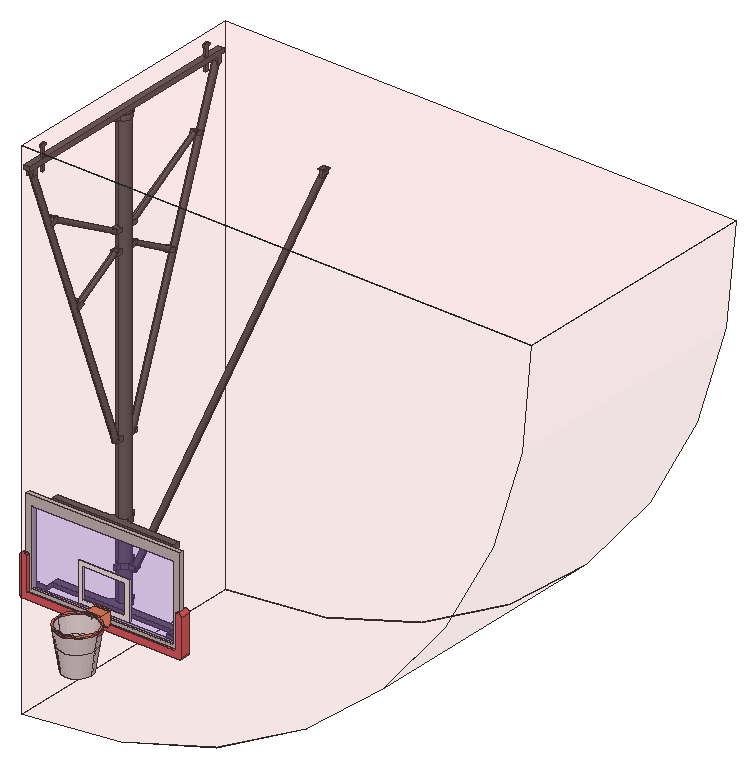
Revit family "Basketball_Backstop-Ceiling_Mount-Side_Fold-IPIbyBison-IP1345SF-Xtra_Height", category Specialty Equipment, Revit 2025
Family settings
  Round Connector Dimension = Use Diameter
  Part Type = Normal
  OmniClass Number = 23.40.50.34.14
  OmniClass Title = Gymnasium Equipment
  Enable Cutting in Views = No
  Always vertical = Yes
  Cut with Voids When Loaded = No
  Maintain Annotation Orientation = No
  Shared = No
  Room Calculation Point = No
Parameters (values of type "Right Fold")
  swingvis [instance] = and(Swing Clearance Visible, or(Fold Left, Fold Right))  # yes
  swingangle [instance] = if(Fold Left, 90.00°, -90.00°)  # -90.00°
  Unit Weight [instance] = 0
  URL = "https://ipibybison.com/"
  Swing Clearance Visible [instance] = yes
  Specification = "https://www.arcat.com/company/ipi-by-bison-38554/spec"
  Set Frame Below Truss Level [instance] = -0' - 1"
  Rim Color [instance] = Plastic - IPI by Bison - Orange OR
  Product Page URL = "https://www.arcat.com/arcatcos/cos38/arc38554.html"
  Net Color [instance] = Finish - IPI by Bison - White Netting
  Model = "IP1345SFR"
  Manufacturer = "IPI by Bison"
  Keynote = "11 66 00"
  Glass [instance] = Glass
  Frame Finish [instance] = Finish - IPI by Bison - Black
  Folding Clearance [instance] = ARCAT Clearance
  Fold Right = yes
  Fold Left = no
  F_Length of Piping Below Brace Point [instance] = 1' - 6"
  FF to Top of Hoop [instance] = 10' - 0"
  Description = "Back Folding Basketball Frame and Backboard, Ceiling Mount"
  Default Elevation = 0' - 0"
  Copyright = "© 2023 ARCAT"  # constant formula
  CAD Details = "https://www.arcat.com/company/ipi-by-bison-38554/cad"
  Backboard Type = Backboard_BA42XLGlass : Backboard_BA42XLGlass
  Backboard Square Color [instance] = Finish - IPI by Bison - White
  Backboard Padding Color [instance] = Plastic - IPI by Bison - Scarlet SC
  Backboard Frame Color [instance] = Finish - IPI by Bison - Satin Aluminum
  Backboard Distance from Wall [instance] = 7' - 0"
  B_Distance Between Y Frame Supports [instance] = 8' - 0"  # constant formula
  Available Options = "as Specified"
  A_Distance to Brace [instance] = 7' - 10"
Types (2): name | swingangle | Model | Fold Right | Fold Left
  Right Fold | -90.00° | "IP1345SFR" | yes | no
  Left Fold | 90.00° | "IP1345SFL" | no | yes
Reference planes (in)
  plane 1 "Center (Front/Back)": y = 0
  plane 2: z = 0
  plane 3 "Center (Left/Right)": x = 0
  plane 4: y = -84
  plane 5: z = 120
  plane 6: y = -132
  plane 7: y = -36
Forms (in)
  Revolve 1, solid, material "ARCAT Clearance" <- "Folding Clearance", visible <- "swingvis"
    sketch origin (0, 0, 0) x (0, 1, 0) y (0, 0, 1)
      loop
        line (-144, 336) -> (-144, 96) -> (-24, 96) -> (-24, 336) -> (-144, 336)
      axis (-144, 336) -> (-24, 336)
    angle from 0 to -90 <- "swingangle"
Dimensions and locks (in)
  "Backboard Distance from Wall": plane 4 to plane 1 "Center (Front/Back)"
  "FF to Top of Hoop": plane 5 to level
  equal spacing: plane 6, plane 4, plane 7
  "B_Distance Between Y Frame Supports": plane 6 to plane 7
  locked: Revolve 1 sketch curve to plane 5 at 24
  locked: Revolve 1 sketch curve to plane 6 at 12
  locked: plane 7 to Revolve 1 sketch curve at 12
  aligned and locked: level to plane 2
  aligned and locked: plane 4 to nested 1
  aligned and locked: nested 2 to plane 3 "Center (Left/Right)"
  aligned and locked: nested 3 to plane 3 "Center (Left/Right)"
  aligned and locked: nested 2 to plane 4
  aligned and locked: plane 4 to nested 3
  aligned and locked: Revolve 1 sketch curve to level  (x2)
Automatic sketch dimensions
  plane 1 "Center (Front/Back)" to Revolve 1 sketch curve = 0' - 4"
  Revolve 1 sketch curve to plane 1 "Center (Front/Back)" = 1' - 9"
Nested families (in)
  nested 1: "Backboard_BA42XLGlass" at (0, -84, 120) x (-1, 0, 0) z (0, 0, 1), built-in parameter 1001364 <- "FF to Top of Hoop", backboard color <- "Backboard Frame Color", backboard square color <- "Backboard Square Color", frame finish <- "Frame Finish", glass <- "Glass", rim finish <- "Rim Color", net color <- "Net Color", padding color <- "Backboard Padding Color", height offset <- "FF to Top of Hoop", type "Backboard_BA42XLGlass"
    with rim finish Plastic - IPI by Bison - Orange OR, padding color Plastic - IPI by Bison - Scarlet SC, net color Finish - IPI by Bison - White Netting, height offset 10' - 0", glass Glass, frame finish Finish - IPI by Bison - Black, backboard square color Finish - IPI by Bison - White, backboard color Finish - IPI by Bison - Satin Aluminum
  nested 2: "Frame_RFRB28" at (0, -84, 335) x (0, -1, 0) z (0, 0, 1), built-in parameter 1001364 <- "Set Frame Below Truss Level", a <- "A_Distance to Brace", b <- "B_Distance Between Y Frame Supports", f <- "F_Length of Piping Below Brace Point", frame <- "Frame Finish", visible <- "Fold Right", type "Frame_RFRB28"
    with frame Finish - IPI by Bison - Black, f 1' - 6", b 8' - 0", a 7' - 10"
  nested 3: "Frame_RFRB28" at (0, -84, 335) x (0, -1, 0) z (0, 0, 1), built-in parameter 1001364 <- "Set Frame Below Truss Level", a <- "A_Distance to Brace", b <- "B_Distance Between Y Frame Supports", f <- "F_Length of Piping Below Brace Point", frame <- "Frame Finish", visible <- "Fold Left", type "Frame_RFRB28"
    with frame Finish - IPI by Bison - Black, f 1' - 6", b 8' - 0", a 7' - 10"
Definition of nested family "Backboard_BA42XLGlass"
  Parameters (values of type "Backboard_BA42XLGlass")
    padding color [instance] = none
    net color [instance] = none
    rim finish [instance] = none
    height offset [instance] = 9' - 6"
    glass [instance] = none
    frame finish [instance] = none
    backboard square color [instance] = none
    backboard color [instance] = none
    Default Elevation = 4' - 0"
  Reference planes (in)
    plane 1 "Center (Front/Back)": y = 0
    plane 2: z = 0
    plane 3 "Center (Left/Right)": x = 0
    plane 4: z = -114
  Forms (in)
    Extrusion 1, solid, material <- "backboard color"
      sketch origin (-8.43545, 11.2937, 28.94441) x (1, 0, 0) y (0, 0, 1)
        loop
          line (-27.56455, 6.99989) -> (-27.56455, -35.00011) -> (44.43545, -35.00011) -> (44.43545, 6.99989) -> (-27.56455, 6.99989)
        loop
          line (41.81045, 2.74989) -> (-24.93955, 2.74989) -> (-24.93955, -32.37511) -> (41.81045, -32.37511) -> (41.81045, 2.74989)
      from 1.125 to -1.125
    Extrusion 2, solid, material <- "padding color"
      sketch origin (-8.43545, 11.2937, 29.06941) x (1, 0, 0) y (0, 0, 1)
        loop
          line (-27.55038, -17.62511) -> (-27.80038, -17.62511)
          arc (-27.80038, -17.62511) -> (-29.03781, -18.13767) -> (-29.55038, -19.37511) r 1.75
          line (-29.55038, -19.37511) -> (-29.55038, -36.12511)
          arc (-29.55038, -36.12511) -> (-29.25748, -36.83222) -> (-28.55038, -37.12511) r 1
          line (-28.55038, -37.12511) -> (45.44962, -37.12511)
          arc (45.44962, -37.12511) -> (46.15673, -36.83222) -> (46.44962, -36.12511) r 1
          line (46.44962, -36.12511) -> (46.44962, -19.37511)
          arc (46.44962, -19.37511) -> (45.93706, -18.13767) -> (44.69962, -17.62511) r 1.75
          line (44.69962, -17.62511) -> (44.42127, -17.62511)
          arc (44.42127, -17.62511) -> (43.71416, -17.918) -> (43.42127, -18.62511) r 1
          line (43.42127, -18.62511) -> (43.42127, -33.98376) -> (-26.55038, -33.98376) -> (-26.55038, -18.62511)
          arc (-26.55038, -18.62511) -> (-26.84327, -17.918) -> (-27.55038, -17.62511) r 1
      from -2.18697 to 2.14819
    Revolve 3, solid, material <- "net color"
      sketch origin (-8.43545, 27.4812, 28.93687) x (1, 0, 0) y (0, 0, 1)
        loop
          circle (-0.85808, -29.24642) r 0.3125
        loop
          line (-1.03195, -29.9762) -> (0.27041, -37.36226) -> (1.80132, -48.25521) -> (2.05377, -48.25521) -> (0.51737, -37.32314) -> (-0.77809, -29.9762) -> (-1.03195, -29.9762)
        axis (8.43545, -48.25521) -> (8.43545, -29.24642)
      angle from 0 to 360
    Revolve 4, solid, material <- "rim finish"
      sketch origin (0.02792, 11.2937, 0) x (0, 1, 0) y (0, 0, 1)
        loop
          line (6.79001, -0.625) -> (6.54001, -0.625) -> (6.54001, -2.125) -> (6.79001, -2.125) -> (6.79001, -0.625)
        axis (16.04001, -2.125) -> (16.04001, -0.625)
      angle from -90 to 90
    Extrusion 5, solid, material <- "rim finish"
      sketch origin (0, 0, 0) x (0, 1, 0) y (0, 0, 1)
        loop
          line (17.69724, 0) -> (12.8212, 0) -> (13.12361, 1.21287) -> (12.79369, 1.29513) -> (12.47078, 0) -> (12.47078, -6.5) -> (13.63137, -6.5) -> (17.69724, -2.43414) -> (17.69724, 0)
      from -3.50075 to 3.49925
    Extrusion 6, solid, material <- "backboard square color"
      sketch origin (0.02792, 11.2937, 0) x (1, 0, 0) y (0, 0, 1)
        loop
          line (-12.02792, 16.0023) -> (-12.02792, -1.9977) -> (11.97208, -1.9977) -> (11.97208, 16.0023) -> (-12.02792, 16.0023)
        loop
          line (-10.02792, 14.0023) -> (-10.02792, 0) -> (9.97208, 0) -> (9.97208, 14.0023) -> (-10.02792, 14.0023)
      from -0.44333 to 0.05679
    Extrusion 7, solid, material <- "glass"
      sketch origin (0.02792, 11.2937, 0) x (1, 0, 0) y (0, 0, 1)
        loop
          line (-33.40292, 31.6943) -> (-33.40292, -3.4307) -> (33.34708, -3.4307) -> (33.34708, 31.6943) -> (-33.40292, 31.6943)
      from -0.405 to 0
    Extrusion 8, solid, material <- "frame finish"
      sketch origin (0, 11.2937, 0) x (1, 0, 0) y (0, 1, 0)
        loop
          line (-28.5, -7.7495) -> (-6, -7.7495) -> (-6, -8.1245) -> (-4.12188, -8.1245) -> (-3.02199, -10.02957)
          arc (-3.02199, -10.02957) -> (-2.89931, -12.81607) -> (-0.66175, -14.4813) r 3.25
          line (-0.66175, -14.4813) -> (-0.66175, -16.28845) -> (0.60591, -16.28845) -> (0.60591, -14.4813)
          arc (0.60591, -14.4813) -> (2.82905, -12.84298) -> (2.98938, -10.08605) r 3.25
          line (2.98938, -10.08605) -> (4.12188, -8.1245) -> (6, -8.1245) -> (6, -7.7495) -> (28.5, -7.7495) -> (28.5, -1.4995) -> (33, -1.4995) -> (33, -1.125) -> (28.25, -1.125) -> (28.25, -4.7495) -> (-28.25, -4.7495) -> (-28.25, -1.125) -> (-33, -1.125) -> (-33, -1.4995) -> (-28.5, -1.4995) -> (-28.5, -7.7495)
      from -3.4307 to -1.5237
    Extrusion 9, solid, material <- "frame finish"
      sketch origin (0, 11.2937, 0) x (1, 0, 0) y (0, 1, 0)
        loop
          line (-28.5, -7.7495) -> (-6, -7.7495) -> (-6, -8.1245) -> (-4.12188, -8.1245) -> (-3.02199, -10.02957)
          arc (-3.02199, -10.02957) -> (-2.89931, -12.81607) -> (-0.66175, -14.4813) r 3.25
          line (-0.66175, -14.4813) -> (-0.66175, -16.28845) -> (0.60591, -16.28845) -> (0.60591, -14.4813)
          arc (0.60591, -14.4813) -> (2.82905, -12.84298) -> (2.98938, -10.08605) r 3.25
          line (2.98938, -10.08605) -> (4.12188, -8.1245) -> (6, -8.1245) -> (6, -7.7495) -> (28.5, -7.7495) -> (28.5, -1.4995) -> (33, -1.4995) -> (33, -1.125) -> (28.25, -1.125) -> (28.25, -4.7495) -> (-28.25, -4.7495) -> (-28.25, -1.125) -> (-33, -1.125) -> (-33, -1.4995) -> (-28.5, -1.4995) -> (-28.5, -7.7495)
      from 31.75979 to 34.1423
  Lines and regions (in)
    model lines
      curve 1: line (-0.00075, 0, 0) -> (-0.00075, 0, -114)
  Dimensions and locks (in)
    "height offset": level to plane 4
    aligned and locked: plane 2 to level
    aligned and locked: plane 4 to curve 1
  Automatic sketch dimensions
    curve 1 to level = 0' - 0"
    curve 1 to plane 3 "Center (Left/Right)" = 0' - 0.00075"
    Extrusion 1 sketch curve to plane 3 "Center (Left/Right)" = 3' - 0"
    Extrusion 1 sketch curve to Extrusion 1 sketch curve = 0' - 2 5/8"  (x2)
    plane 3 "Center (Left/Right)" to Extrusion 1 sketch curve = 2' - 9 3/8"
    Extrusion 1 sketch curve to level = 0' - 6.0557"
    Extrusion 1 sketch curve to level = 0' - 3.4307"
    level to Extrusion 1 sketch curve = 2' - 7.6943"
    Extrusion 1 sketch curve to Extrusion 1 sketch curve = 0' - 4 1/4"
    level to Extrusion 2 sketch curve = 0' - 9.6943"
    Extrusion 2 sketch curve to plane 3 "Center (Left/Right)" = 3' - 1.98582"
    Extrusion 2 sketch curve to Extrusion 2 sketch curve = 0' - 1"  (x4)
    Extrusion 2 sketch curve to Extrusion 2 sketch curve = 0' - 1 3/4"
    Extrusion 2 sketch curve to Extrusion 2 sketch curve = 0' - 0 1/4"
    level to Extrusion 2 sketch curve = 0' - 10.4443"
    plane 3 "Center (Left/Right)" to Extrusion 2 sketch curve = 2' - 10.98582"
    Extrusion 2 sketch curve to Extrusion 2 sketch curve = 0' - 0.27835"
    Extrusion 2 sketch curve to Extrusion 2 sketch curve = 0' - 2.02835"
    Extrusion 2 sketch curve to level = 0' - 4.91435"
    Extrusion 2 sketch curve to Extrusion 2 sketch curve = 0' - 2.14135"
    Revolve 3 sketch curve to plane 3 "Center (Left/Right)" = 0' - 0"
    Revolve 3 sketch curve to plane 3 "Center (Left/Right)" = 0' - 6.38167"
    Revolve 3 sketch curve to Revolve 3 sketch curve = 0' - 0.25246"
    Revolve 3 sketch curve to plane 3 "Center (Left/Right)" = 0' - 7.91808"
    Revolve 3 sketch curve to Revolve 3 sketch curve = 0' - 0.24696"
    Revolve 3 sketch curve to level = 0' - 1.03933"
    Revolve 3 sketch curve to Revolve 3 sketch curve = 0' - 1.0485"
    Revolve 3 sketch curve to level = 0' - 0.30954"
    Revolve 3 sketch curve to Revolve 3 sketch curve = 0' - 0.07999"
    Revolve 3 sketch curve to Revolve 3 sketch curve = 0' - 0.25386"
    Revolve 3 sketch curve to Revolve 3 sketch curve = 0' - 7.34694"
    Revolve 3 sketch curve to Revolve 3 sketch curve = 0' - 0.03911"
    Revolve 3 sketch curve to Revolve 3 sketch curve = 0' - 10.89295"
    Revolve 3 sketch curve to level = 0' - 0.00754"
    level to Revolve 3 sketch curve = 0' - 2.99246"
    Revolve 4 sketch curve to level = 0' - 2 1/8"
    Revolve 4 sketch curve to plane 1 "Center (Front/Back)" = 1' - 5.83371"
    Revolve 4 sketch curve to Revolve 4 sketch curve = 0' - 0 1/4"
    Revolve 4 sketch curve to level = 0' - 0 5/8"  (x2)
    Revolve 4 sketch curve to Revolve 4 sketch curve = 0' - 9 1/4"
    level to Revolve 4 sketch curve = 0' - 3 1/8"
    Extrusion 5 sketch curve to level = 0' - 0"  (x2)
    Extrusion 5 sketch curve to plane 1 "Center (Front/Back)" = 1' - 0.47078"
    level to Extrusion 5 sketch curve = 0' - 1.29513"
    Extrusion 5 sketch curve to Extrusion 5 sketch curve = 0' - 0.32291"
    Extrusion 5 sketch curve to Extrusion 5 sketch curve = 0' - 0.35043"
    Extrusion 5 sketch curve to Extrusion 5 sketch curve = 0' - 1.16059"
    Extrusion 5 sketch curve to Extrusion 5 sketch curve = 0' - 4.57363"
    Extrusion 5 sketch curve to Extrusion 5 sketch curve = 0' - 2.43414"
    Extrusion 5 sketch curve to Extrusion 5 sketch curve = 0' - 6 1/2"
    Extrusion 6 sketch curve to level = 0' - 0"
    Extrusion 6 sketch curve to level = 0' - 1.9977"
    Extrusion 6 sketch curve to plane 3 "Center (Left/Right)" = 1' - 0"
    Extrusion 6 sketch curve to Extrusion 6 sketch curve = 0' - 2"  (x3)
    plane 3 "Center (Left/Right)" to Extrusion 6 sketch curve = 0' - 10"
    Extrusion 6 sketch curve to Extrusion 6 sketch curve = 1' - 2.0023"
    Extrusion 7 sketch curve to plane 3 "Center (Left/Right)" = 2' - 9 3/8"
    Extrusion 7 sketch curve to level = 0' - 3.4307"
    plane 3 "Center (Left/Right)" to Extrusion 7 sketch curve = 2' - 9 3/8"
    level to Extrusion 7 sketch curve = 2' - 7.6943"
    Extrusion 8 sketch curve to Extrusion 8 sketch curve = 0' - 0"  (x3)
    plane 1 "Center (Front/Back)" to Extrusion 8 sketch curve = 0' - 0"
    Extrusion 8 sketch curve to plane 1 "Center (Front/Back)" = 0' - 9.7942"
    Extrusion 8 sketch curve to plane 3 "Center (Left/Right)" = 2' - 9"
    Extrusion 8 sketch curve to plane 1 "Center (Front/Back)" = 0' - 3.5442"
    Extrusion 8 sketch curve to Extrusion 8 sketch curve = 0' - 4 1/2"  (x2)
    Extrusion 8 sketch curve to Extrusion 8 sketch curve = 0' - 0 1/4"  (x2)
    Extrusion 8 sketch curve to plane 3 "Center (Left/Right)" = 0' - 6"
    Extrusion 8 sketch curve to Extrusion 8 sketch curve = 0' - 1.87812"  (x2)
    Extrusion 8 sketch curve to Extrusion 8 sketch curve = 0' - 1.09989"
    Extrusion 8 sketch curve to plane 3 "Center (Left/Right)" = 0' - 0.66175"
    Extrusion 8 sketch curve to plane 3 "Center (Left/Right)" = 0' - 0.02792"
    plane 3 "Center (Left/Right)" to Extrusion 8 sketch curve = 0' - 0.60591"
    Extrusion 8 sketch curve to plane 1 "Center (Front/Back)" = 0' - 1.20765"
    plane 3 "Center (Left/Right)" to Extrusion 8 sketch curve = 0' - 2.98938"
    Extrusion 8 sketch curve to Extrusion 8 sketch curve = 0' - 1.1325"
    Extrusion 8 sketch curve to plane 1 "Center (Front/Back)" = 0' - 10.1687"
    Extrusion 8 sketch curve to Extrusion 8 sketch curve = 1' - 10 1/4"
    Extrusion 8 sketch curve to Extrusion 8 sketch curve = 0' - 1.80715"
    Extrusion 8 sketch curve to Extrusion 8 sketch curve = 0' - 0 3/8"  (x2)
    Extrusion 8 sketch curve to plane 1 "Center (Front/Back)" = 0' - 3.1692"
    Extrusion 8 sketch curve to Extrusion 8 sketch curve = 0' - 3"
    Extrusion 8 sketch curve to Extrusion 8 sketch curve = 0' - 0.3745"  (x2)
    Extrusion 9 sketch curve to Extrusion 9 sketch curve = 0' - 0"  (x3)
    plane 1 "Center (Front/Back)" to Extrusion 9 sketch curve = 0' - 0"
    Extrusion 9 sketch curve to plane 1 "Center (Front/Back)" = 0' - 9.7942"
    Extrusion 9 sketch curve to plane 3 "Center (Left/Right)" = 2' - 9"
    Extrusion 9 sketch curve to plane 1 "Center (Front/Back)" = 0' - 3.5442"  (x2)
    Extrusion 9 sketch curve to Extrusion 9 sketch curve = 0' - 4 1/2"  (x2)
    Extrusion 9 sketch curve to Extrusion 9 sketch curve = 0' - 0 1/4"  (x2)
    Extrusion 9 sketch curve to plane 3 "Center (Left/Right)" = 0' - 6"
    Extrusion 9 sketch curve to Extrusion 9 sketch curve = 0' - 1.87812"  (x2)
    Extrusion 9 sketch curve to Extrusion 9 sketch curve = 0' - 1.09989"
    Extrusion 9 sketch curve to plane 3 "Center (Left/Right)" = 0' - 0.66175"
    Extrusion 9 sketch curve to plane 3 "Center (Left/Right)" = 0' - 0.02792"
    plane 3 "Center (Left/Right)" to Extrusion 9 sketch curve = 0' - 0.60591"
    Extrusion 9 sketch curve to plane 1 "Center (Front/Back)" = 0' - 1.20765"
    plane 3 "Center (Left/Right)" to Extrusion 9 sketch curve = 0' - 2.98938"
    Extrusion 9 sketch curve to Extrusion 9 sketch curve = 0' - 1.1325"
    Extrusion 9 sketch curve to plane 1 "Center (Front/Back)" = 0' - 10.1687"
    Extrusion 9 sketch curve to Extrusion 9 sketch curve = 1' - 10 1/4"
    Extrusion 9 sketch curve to Extrusion 9 sketch curve = 0' - 1.80715"
    Extrusion 9 sketch curve to Extrusion 9 sketch curve = 0' - 0 3/8"
    Extrusion 9 sketch curve to plane 1 "Center (Front/Back)" = 0' - 3.1692"
    Extrusion 9 sketch curve to Extrusion 9 sketch curve = 0' - 3"
    Extrusion 9 sketch curve to Extrusion 9 sketch curve = 0' - 0.3745"  (x2)
    radius of Revolve 3 sketch curve = 0' - 0 5/16"
Definition of nested family "Frame_RFRB28"
  Parameters (values of type "Frame_RFRB28")
    frame [instance] = none
    f [instance] = 1' - 6"
    b [instance] = 8' - 0"  # constant formula
    a [instance] = 7' - 10"
    Default Elevation = 4' - 0"
  Reference planes (in)
    plane 1 "Center (Front/Back)": y = 0
    plane 2: z = 0
    plane 3 "Center (Left/Right)": x = 0
    plane 4: z = -4.125
    plane 5: x = -48
    plane 6: x = 48
    plane 7: z = -218.99815
    plane 8: y = 94
    plane 9: z = -200.99815
    plane 10: z = -146.99815
  Forms (in)
    Extrusion 1, solid, material <- "frame"
      sketch origin (0, 0, 0) x (-1, 0, 0) y (0, 0, 1)
        loop
          line (-48.5, -3.57547) -> (-49.1801, -3.57547) -> (-49.1801, -4.57547) -> (-48.5, -4.57547) -> (-48.5, -14.94659) -> (-47.5, -14.94659) -> (-47.5, -4.50272) -> (-46.31181, -4.50272) -> (-46.31181, -3.67379) -> (-47.125, -3.67379) -> (-47.125, -3.45566) -> (-48.5, -3.45566) -> (-48.5, -3.57547)
        loop
          line (47.5, -3.57547) -> (46.8199, -3.57547) -> (46.8199, -4.57547) -> (47.5, -4.57547) -> (47.5, -14.94659) -> (48.5, -14.94659) -> (48.5, -4.50272) -> (49.68819, -4.50272) -> (49.68819, -3.67379) -> (48.875, -3.67379) -> (48.875, -3.45566) -> (47.5, -3.45566) -> (47.5, -3.57547)
      from -0.4375 to 0.4375
    Extrusion 2, solid, material <- "frame"
      sketch origin (0, 0, 0) x (-1, 0, 0) y (0, -1, 0)
        loop
          circle (0, 0) r 3
      from -218.99815 to -10.81466
    Extrusion 3, solid, material <- "frame"
      sketch origin (0, 0, 0) x (-1, 0, 0) y (0, -1, 0)
        loop
          line (-5.03472, 0.60591) -> (-5.03472, -0.60591) -> (-3.12072, -0.60591)
          arc (-3.12072, -0.60591) -> (0, -3.179) -> (3.12072, -0.60591) r 3.179
          line (3.12072, -0.60591) -> (5.03472, -0.60591) -> (5.03472, 0.60591) -> (3.12072, 0.60591)
          arc (3.12072, 0.60591) -> (0, 3.179) -> (-3.12072, 0.60591) r 3.179
          line (-3.12072, 0.60591) -> (-5.03472, 0.60591)
      from -13.07366 to -11.07366
    Sweep 4, solid, material <- "frame"
      path origin (0, 0, 0) x (0, -1, 0) y (0, 0, 1)
        loop
          line (-4.7442, -202.45823) -> (-94, -3.76608)
      profile origin (0, 49.3721, -103.11215) x (0, 0.912189, -0.40977) y (-1, 0, 0)
        loop
          circle (0, 0) r 1.1875
    Extrusion 5, solid, material <- "frame"
      sketch origin (0, -23.21476, -200.99815) x (0, -1, 0) y (1, 0, 0)
        loop
          line (-22.60885, 5.03472) -> (-23.82067, 5.03472) -> (-23.82067, 3.12072)
          arc (-23.82067, 3.12072) -> (-25.10199, 2.55821) -> (-26.01762, 1.5) r 3.179
          line (-26.01762, 1.5) -> (-29.32067, 1.5) -> (-29.32067, -1.5) -> (-26.01762, -1.5)
          arc (-26.01762, -1.5) -> (-25.10199, -2.55821) -> (-23.82067, -3.12072) r 3.179
          line (-23.82067, -3.12072) -> (-23.82067, -5.03472) -> (-22.60885, -5.03472) -> (-22.60885, -3.12072)
          arc (-22.60885, -3.12072) -> (-20.03576, 0) -> (-22.60885, 3.12072) r 3.179
          line (-22.60885, 3.12072) -> (-22.60885, 5.03472)
      from 1 to -1
    Extrusion 6, solid, material <- "frame"
      sketch origin (0, 0, -1.125) x (0, -1, 0) y (0, 0, 1)
        loop
          line (-94.625, -0.80732) -> (-94.625, -3.80732) -> (-93.375, -3.80732) -> (-93.375, -0.80732) -> (-94.625, -0.80732)
      from -1.5 to 1.5
    Extrusion 7, solid, material <- "frame"
      sketch origin (0, 0, -1.125) x (0, -1, 0) y (0, 0, 1)
        loop
          line (-95.5, -0.80732) -> (-95.5, -1.05732) -> (-92.5, -1.05732) -> (-92.5, -0.80732) -> (-95.5, -0.80732)
      from -1.5 to 1.5
    Extrusion 8, solid, material <- "frame"
      sketch origin (0, -0.03, 0) x (1, 0, 0) y (0, 0, 1)
        loop
          line (-57, -8.85715) -> (-57, -10.85715) -> (-55, -10.85715) -> (-55, -14.10715) -> (-53, -14.10715) -> (-53, -10.85715) -> (53, -10.85715) -> (53, -14.10715) -> (55, -14.10715) -> (55, -10.85715) -> (57, -10.85715) -> (57, -8.85715) -> (-57, -8.85715)
      from -1.53 to 1.47
    Sweep 9, solid, material <- "frame"
      path origin (0, -0.03, 0) x (-1, 0, 0) y (0, 0, 1)
        loop
          line (-54.25831, -12.58204) -> (-4.68934, -147.70227)
      profile origin (29.47382, -0.03, -80.14215) x (0.93882, 0, -0.344407) y (0, -1, 0)
        loop
          circle (0, 0) r 1.2175
    Extrusion 10, solid, material <- "frame"
      sketch origin (0, -0.03, 0) x (1, 0, 0) y (0, 0, 1)
        loop
          line (-44.88847, -38.1233) -> (-44.19966, -40.00094) -> (-40.5513, -38.66254) -> (-41.24011, -36.7849) -> (-44.88847, -38.1233)
        loop
          line (-29.35533, -80.46516) -> (-28.66652, -82.3428) -> (-25.14594, -81.05127) -> (-25.83475, -79.17363) -> (-29.35533, -80.46516)
        loop
          line (-2.78107, -58.17015) -> (-5.78107, -58.17015) -> (-5.78107, -60.17015) -> (-2.78107, -60.17015) -> (-2.78107, -58.17015)
        loop
          line (-2.78107, -67.17015) -> (-5.78107, -67.17015) -> (-5.78107, -69.17015) -> (-2.78107, -69.17015) -> (-2.78107, -67.17015)
        loop
          line (44.88847, -38.1233) -> (41.24011, -36.7849) -> (40.5513, -38.66254) -> (44.19966, -40.00094) -> (44.88847, -38.1233)
        loop
          line (29.35533, -80.46516) -> (25.83475, -79.17363) -> (25.14594, -81.05127) -> (28.66652, -82.3428) -> (29.35533, -80.46516)
        loop
          line (2.78107, -58.17015) -> (2.78107, -60.17015) -> (5.78107, -60.17015) -> (5.78107, -58.17015) -> (2.78107, -58.17015)
        loop
          line (2.78107, -67.17015) -> (2.78107, -69.17015) -> (5.78107, -69.17015) -> (5.78107, -67.17015) -> (2.78107, -67.17015)
        loop
          line (-2.69765, -147.99815) -> (-2.69765, -145.99815) -> (-5.69765, -145.99815) -> (-5.69765, -147.99815) -> (-2.69765, -147.99815)
        loop
          line (2.69765, -147.99815) -> (5.69765, -147.99815) -> (5.69765, -145.99815) -> (2.69765, -145.99815) -> (2.69765, -147.99815)
      from -1.42904 to 1.345
    Sweep 11, solid, material <- "frame"
      path origin (0, -0.03, 0) x (1, 0, 0) y (0, 0, 1)
        loop
          line (-42.36358, -37.61622) -> (-4.38156, -59.54515)
      profile origin (-23.37257, -0.03, -48.58069) x (0.5, 0, 0.866025) y (0, -1, 0)
        loop
          circle (0, 0) r 1
    Sweep 12, solid, material <- "frame"
      path origin (0, -0.03, 0) x (-1, 0, 0) y (0, 0, 1)
        loop
          line (-42.36358, -37.61622) -> (-4.38156, -59.54515)
      profile origin (23.37257, -0.03, -48.58069) x (0.5, 0, -0.866025) y (0, -1, 0)
        loop
          circle (0, 0) r 1
    Sweep 13, solid, material <- "frame"
      path origin (0, -0.03, 60) x (1, 0, 0) y (0, 0, 1)
        loop
          line (-26.81592, -140.66699) -> (-4.38156, -127.7145)
      profile origin (-15.59874, -0.03, -74.19074) x (-0.5, 0, 0.866025) y (0, -1, 0)
        loop
          circle (0, 0) r 1
    Sweep 14, solid, material <- "frame"
      path origin (0, -0.03, 60) x (-1, 0, 0) y (0, 0, 1)
        loop
          line (-26.81592, -140.66699) -> (-4.38156, -127.7145)
      profile origin (15.59874, -0.03, -74.19074) x (-0.5, 0, -0.866025) y (0, -1, 0)
        loop
          circle (0, 0) r 1
    Sweep 15, solid, material <- "frame"
      path origin (0, -0.03, 0) x (1, 0, 0) y (0, 0, 1)
        loop
          line (-54.25831, -12.58204) -> (-4.68934, -147.70227)
      profile origin (-29.47382, -0.03, -80.14215) x (0.93882, 0, 0.344407) y (0, -1, 0)
        loop
          circle (0, 0) r 1.2175
  Dimensions and locks (in)
    equal spacing: plane 5, plane 3 "Center (Left/Right)", plane 6
    "b": plane 5 to plane 6
    locked: level to plane 4 at 4.125
    Extrusion 1 sketch curve to Extrusion 1 sketch curve to Extrusion 1 sketch curve to plane 5 to Extrusion 1 sketch curve to Extrusion 1 sketch curve to Extrusion 1 sketch curve = 0' - 0.81319" locked, 0' - 0 3/8" locked, 0' - 0 1/2" locked, 0' - 0 1/2" locked, 0' - 0" locked, 0' - 0.6801" locked
    Extrusion 1 sketch curve to Extrusion 1 sketch curve to Extrusion 1 sketch curve to plane 6 to Extrusion 1 sketch curve to Extrusion 1 sketch curve to Extrusion 1 sketch curve = 0' - 0.81319" locked, 0' - 0 3/8" locked, 0' - 0 1/2" locked, 0' - 0 1/2" locked, 0' - 0" locked, 0' - 0.6801" locked
    "a": plane 1 "Center (Front/Back)" to plane 8
    Extrusion 7 sketch curve to plane 8 to Extrusion 7 sketch curve = 0' - 1 1/2" locked, 0' - 1 1/2" locked
    Extrusion 6 sketch curve to plane 8 to Extrusion 6 sketch curve = 0' - 0 5/8" locked, 0' - 0 5/8" locked
    locked: plane 8 to Sweep 4 sketch curve at 0
    locked: level to Sweep 4 sketch curve at 3.76608
    locked: plane 1 "Center (Front/Back)" to Sweep 4 sketch curve at 4.7442
    Extrusion 10 sketch curve to Extrusion 10 sketch curve = 0' - 2"  (x2)
    locked: level to Sweep 9 sketch curve at 147.70227
    locked: Sweep 9 sketch curve to plane 3 "Center (Left/Right)" at 4.68934
    locked: level to Sweep 15 sketch curve at 147.70227
    locked: plane 3 "Center (Left/Right)" to Sweep 15 sketch curve at 4.68934
    locked: level to Extrusion 10 sketch curve at 145.99815  (x2)
    locked: level to plane 10 at 146.99815
    locked: plane 9 to plane 10 at 54
    "f": plane 9 to plane 7
    locked: level to Sweep 4 sketch curve at 202.45823
    aligned and locked: plane 2 to level
    aligned and locked: plane 7 to Extrusion 2
  Automatic sketch dimensions
    plane 4 to Extrusion 1 sketch curve = 0' - 0.54953"  (x2)
    Extrusion 1 sketch curve to plane 4 = 0' - 0.37772"  (x2)
    Extrusion 1 sketch curve to plane 4 = 0' - 0.45047"  (x2)
    Extrusion 1 sketch curve to Extrusion 1 sketch curve = 0' - 10.37112"  (x2)
    plane 4 to Extrusion 1 sketch curve = 0' - 0.45121"  (x2)
    Extrusion 1 sketch curve to Extrusion 1 sketch curve = 0' - 0.21814"  (x2)
    plane 1 "Center (Front/Back)" to Extrusion 2 sketch curve = 0' - 0"
    Extrusion 2 sketch curve to plane 3 "Center (Left/Right)" = 0' - 0"
    Extrusion 3 sketch curve to Extrusion 3 sketch curve = 0' - 0"  (x3)
    plane 1 "Center (Front/Back)" to Extrusion 3 sketch curve = 0' - 0"
    Extrusion 3 sketch curve to plane 3 "Center (Left/Right)" = 0' - 0"
    Extrusion 3 sketch curve to plane 1 "Center (Front/Back)" = 0' - 0.60591"  (x2)
    plane 3 "Center (Left/Right)" to Extrusion 3 sketch curve = 0' - 3.12072"
    plane 1 "Center (Front/Back)" to Extrusion 3 sketch curve = 0' - 0.60591"  (x2)
    Extrusion 3 sketch curve to Extrusion 3 sketch curve = 0' - 1.914"  (x2)
    Extrusion 3 sketch curve to plane 3 "Center (Left/Right)" = 0' - 3.12072"
    profile plane to Sweep 4 sketch curve = 0' - 0"
    Sweep 4 sketch curve to profile plane = 0' - 0"
    Extrusion 6 sketch curve to plane 4 = 0' - 0.80732"
    Extrusion 6 sketch curve to level = 0' - 1.93232"
    plane 4 to Extrusion 7 sketch curve = 0' - 1.94268"
    Extrusion 7 sketch curve to Extrusion 7 sketch curve = 0' - 0 1/4"
    plane 5 to Extrusion 8 sketch curve = 0' - 9"
    Extrusion 8 sketch curve to Extrusion 8 sketch curve = 0' - 2"  (x5)
    Extrusion 8 sketch curve to plane 6 = 0' - 5"
    Extrusion 8 sketch curve to plane 4 = 0' - 9.98215"  (x2)
    Extrusion 8 sketch curve to Extrusion 8 sketch curve = 0' - 3 1/4"  (x2)
    Extrusion 8 sketch curve to Extrusion 8 sketch curve = 0' - 0"
    plane 6 to Sweep 9 sketch curve = 0' - 6.25831"
    plane 4 to Sweep 9 sketch curve = 0' - 8 117/256"
    Sweep 9 sketch curve to profile plane = 0' - 0"  (x2)
    Extrusion 10 sketch curve to plane 5 = 0' - 3.11153"
    Extrusion 10 sketch curve to Extrusion 10 sketch curve = 0' - 0.68881"  (x4)
    Extrusion 10 sketch curve to Extrusion 10 sketch curve = 0' - 3.64836"
    Extrusion 10 sketch curve to plane 5 = 1' - 6.64467"
    Extrusion 10 sketch curve to Extrusion 10 sketch curve = 0' - 3.52058"  (x2)
    Extrusion 10 sketch curve to plane 3 "Center (Left/Right)" = 0' - 5.78107"  (x2)
    Extrusion 10 sketch curve to plane 3 "Center (Left/Right)" = 0' - 5.69765"
    Extrusion 10 sketch curve to plane 3 "Center (Left/Right)" = 0' - 2.78107"  (x2)
    Extrusion 10 sketch curve to plane 3 "Center (Left/Right)" = 0' - 2.69765"
    plane 3 "Center (Left/Right)" to Extrusion 10 sketch curve = 0' - 2.69765"
    plane 3 "Center (Left/Right)" to Extrusion 10 sketch curve = 0' - 2.78107"  (x2)
    Extrusion 10 sketch curve to Extrusion 10 sketch curve = 0' - 3"  (x3)
    Extrusion 10 sketch curve to Extrusion 10 sketch curve = 1' - 7.36487"
    plane 6 to Extrusion 10 sketch curve = 0' - 7.4487"
    plane 6 to Extrusion 10 sketch curve = 0' - 3.80034"
    Extrusion 10 sketch curve to Extrusion 10 sketch curve = 5' - 3.65535"
    Extrusion 10 sketch curve to Extrusion 10 sketch curve = 0' - 0"  (x3)
    Extrusion 10 sketch curve to Extrusion 10 sketch curve = 0' - 1.29153"  (x2)
    Extrusion 10 sketch curve to Extrusion 10 sketch curve = 0' - 10.00348"
    Extrusion 10 sketch curve to Extrusion 10 sketch curve = 0' - 2"  (x4)
    Extrusion 10 sketch curve to Extrusion 10 sketch curve = 0' - 7"
    Extrusion 10 sketch curve to level = 3' - 4.00094"  (x2)
    Extrusion 10 sketch curve to Extrusion 10 sketch curve = 0' - 1.3384"  (x2)
    Sweep 11 sketch curve to plane 5 = 0' - 5.63642"
    Sweep 11 sketch curve to plane 3 "Center (Left/Right)" = 0' - 4.38156"
    Sweep 11 sketch curve to plane 4 = 4' - 7.42015"
    Sweep 11 sketch curve to plane 4 = 2' - 9.49122"
    Sweep 11 sketch curve to profile plane = 0' - 0"  (x2)
    Sweep 12 sketch curve to plane 6 = 0' - 5.63642"
    Sweep 12 sketch curve to plane 3 "Center (Left/Right)" = 0' - 4.38156"
    plane 4 to Sweep 12 sketch curve = 4' - 7.42015"
    plane 4 to Sweep 12 sketch curve = 2' - 9.49122"
    Sweep 12 sketch curve to profile plane = 0' - 0"  (x2)
    Sweep 13 sketch curve to plane 5 = 1' - 9.18408"
    Sweep 13 sketch curve to plane 3 "Center (Left/Right)" = 0' - 4.38156"
    Sweep 13 sketch curve to Sweep 13 sketch curve = 1' - 0.95249"
    Sweep 13 sketch curve to profile plane = 0' - 0"
    profile plane to Sweep 13 sketch curve = 0' - 0"
    Sweep 14 sketch curve to plane 6 = 1' - 9.18408"
    Sweep 14 sketch curve to plane 3 "Center (Left/Right)" = 0' - 4.38156"
    Sweep 14 sketch curve to Sweep 14 sketch curve = 1' - 0.95249"
    Sweep 14 sketch curve to profile plane = 0' - 0"
    profile plane to Sweep 14 sketch curve = 0' - 0"
    plane 5 to Sweep 15 sketch curve = 0' - 6.25831"
    Sweep 15 sketch curve to plane 4 = 0' - 8 117/256"
    Sweep 15 sketch curve to profile plane = 0' - 0"  (x2)
    Sweep 13 sketch curve to plane 4 = 6' - 4.54199"
    plane 4 to Sweep 14 sketch curve = 6' - 4.54199"
    Extrusion 5 sketch curve to Extrusion 5 sketch curve = 0' - 0"  (x8)
    plane 1 "Center (Front/Back)" to Extrusion 5 sketch curve = 0' - 0"
    Extrusion 5 sketch curve to plane 3 "Center (Left/Right)" = 0' - 0"
    Extrusion 5 sketch curve to plane 1 "Center (Front/Back)" = 0' - 0.60591"  (x2)
    Extrusion 5 sketch curve to Extrusion 5 sketch curve = 0' - 2.19695"  (x2)
    plane 3 "Center (Left/Right)" to Extrusion 5 sketch curve = 0' - 1 1/2"
    Extrusion 5 sketch curve to Extrusion 5 sketch curve = 0' - 3.30305"
    plane 1 "Center (Front/Back)" to Extrusion 5 sketch curve = 0' - 0.60591"  (x2)
    Extrusion 5 sketch curve to plane 3 "Center (Left/Right)" = 0' - 1 1/2"
    Extrusion 5 sketch curve to Extrusion 5 sketch curve = 0' - 1.914"  (x2)
    radius of Extrusion 2 sketch curve = 0' - 3"
    radius of Sweep 4 sketch curve = 0' - 1 3/16"
    radius of Sweep 9 sketch curve = 0' - 1.2175"
    radius of Sweep 11 sketch curve = 0' - 1"
    radius of Sweep 12 sketch curve = 0' - 1"
    radius of Sweep 13 sketch curve = 0' - 1"
    radius of Sweep 14 sketch curve = 0' - 1"
    radius of Sweep 15 sketch curve = 0' - 1.2175"
